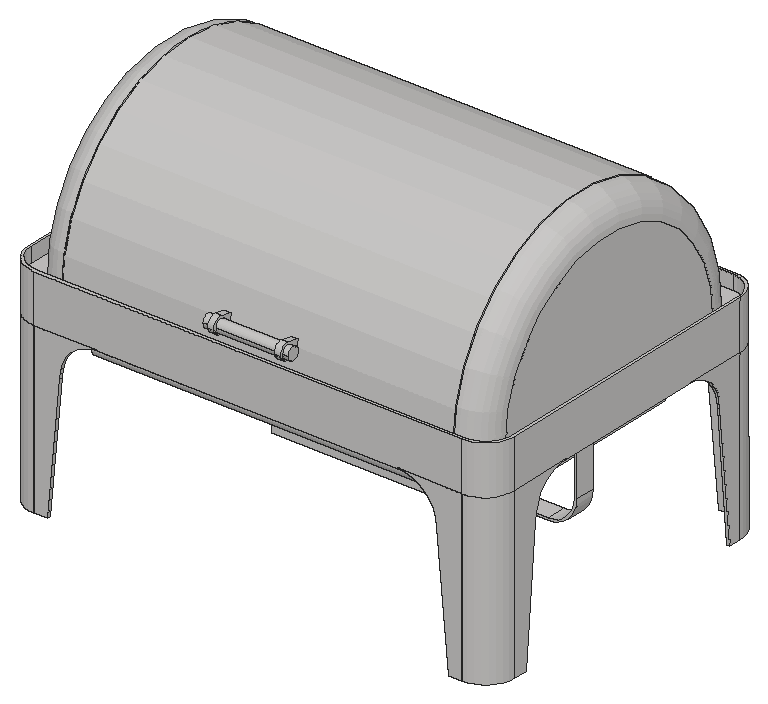
Revit family "QF_Vollrath_46255", category Specialty Equipment, Revit 2016
Family settings
  Part Type = Normal
  Round Connector Dimension = Use Diameter
  OmniClass Number = 23.40.40.14
  OmniClass Title = Food Service Equipment
  Work Plane-Based = No
  Always vertical = Yes
  Cut with Voids When Loaded = No
  Shared = No
  Room Calculation Point = No
Parameters
  Weight in Pounds = 46.36
  Watermarked By = "http://revitwatermark.com"
  URL Cutsheet = ""
  URL = "www.vollrathco.com"
  Status [instance] = ""
  Specification by User [instance] = ""
  Specification by Manufacturer [instance] = ""
  Serial Number [instance] = ""
  Seismic Rating [instance] = ""
  SMACNA No [instance] = ""
  Revision Code [instance] = ""
  NAFEM Spec ID Number [instance] = ""
  Model = "46255"
  Masterspec [instance] = ""
  Manufacturer = "Vollrath"
  Item Number [instance] = "-"
  Installed By [instance] = ""
  Height AFF [instance] = 3' - 0"
  Furnished By [instance] = ""
  Foodservice Equipment Identifier [instance] = yes
  Description = "New York, New York Dripless Chafer"
  CSI MasterFormat = "11 40 00"
  Assembly Code = "E1090310"
Reference planes (in)
  plane 1: z = 0
  plane 2 "Skirt Middle": z = 44.625
  plane 3 "TOP": z = 54.5
  plane 4 "Table Top": z = 36
  plane 5 "LEFT": x = -11.625
  plane 6: x = -10.6875
  plane 7: x = -9.4375
  plane 8: x = -9.1875
  plane 9: x = -3.4375
  plane 10 "RIGHT": x = 13.375
  plane 11: x = 12.4375
  plane 12: x = 11.1875
  plane 13: x = 10.9375
  plane 14: x = 5.1875
  plane 15 "FRONT": y = -17.875
  plane 16: y = -10.9375
  plane 17: y = -9.625
  plane 18 "BACK": y = -0.375
  plane 19: y = -7.3125
  plane 20: y = -8.625
  plane 21 "Center LR": y = -9.125
  plane 22 "Center FB": x = 0.875
  plane 23: z = 47.125
  plane 24 "Chaffer Surface": z = 46.25
  plane 25: z = 42.3125
  plane 26: z = 39
  plane 27: z = 39.6875
Forms (in)
  Extrusion 1, solid, material "QF_Finishes_Polished Steel"
    sketch origin (-12, 0, 0) x (0, 1, 0) y (0, 0, 1)
      loop
        arc (-0.96258, 46.25) -> (-9.125, 54.41242) -> (-17.28742, 46.25) r 8.16242
        line (-17.28742, 46.25) -> (-0.96258, 46.25)
    from 2.8125 to 22.9375
  Revolve 2, solid, material "QF_Finishes_Polished Steel"
    sketch origin (0, -9.125, 0) x (1, 0, 0) y (0, 0, 1)
      loop
        line (-9.1875, 46.25) -> (-9.1875, 54.41242)
        arc (-9.1875, 54.41242) -> (-10.24816, 53.97308) -> (-10.6875, 52.91242) r 1.5
        line (-10.6875, 52.91242) -> (-10.6875, 46.25) -> (-9.1875, 46.25)
      axis (-10.6875, 46.25) -> (-9.1875, 46.25)
    angle from 90 to -90
  Revolve 3, solid, material "QF_Finishes_Polished Steel"
    sketch origin (1.625, -9.125, 0) x (-1, 0, 0) y (0, 0, 1)
      loop
        line (-9.3125, 46.25) -> (-9.3125, 54.41242)
        arc (-9.3125, 54.41242) -> (-10.37316, 53.97308) -> (-10.8125, 52.91242) r 1.5
        line (-10.8125, 52.91242) -> (-10.8125, 46.25) -> (-9.3125, 46.25)
      axis (-9.3125, 46.25) -> (-10.8125, 46.25)
    angle from 90 to -90
  Extrusion 4, solid, material "QF_Finishes_Stainless Steel"
    sketch origin (0, 0, 46.75) x (0, 1, 0) y (-1, 0, 0)
      loop
        arc (-0.375, 10.125) -> (-0.81434, 11.18566) -> (-1.875, 11.625) r 1.5
        line (-1.875, 11.625) -> (-16.375, 11.625)
        arc (-16.375, 11.625) -> (-17.43566, 11.18566) -> (-17.875, 10.125) r 1.5
        line (-17.875, 10.125) -> (-17.875, -11.875)
        arc (-17.875, -11.875) -> (-17.43566, -12.93566) -> (-16.375, -13.375) r 1.5
        line (-16.375, -13.375) -> (-1.875, -13.375)
        arc (-1.875, -13.375) -> (-0.81434, -12.93566) -> (-0.375, -11.875) r 1.5
        line (-0.375, -11.875) -> (-0.375, 10.125)
      loop
        arc (-0.5, 10.125) -> (-0.90273, 11.09727) -> (-1.875, 11.5) r 1.375
        line (-1.875, 11.5) -> (-16.375, 11.5)
        arc (-16.375, 11.5) -> (-17.34727, 11.09727) -> (-17.75, 10.125) r 1.375
        line (-17.75, 10.125) -> (-17.75, -11.875)
        arc (-17.75, -11.875) -> (-17.34727, -12.84727) -> (-16.375, -13.25) r 1.375
        line (-16.375, -13.25) -> (-1.875, -13.25)
        arc (-1.875, -13.25) -> (-0.90273, -12.84727) -> (-0.5, -11.875) r 1.375
        line (-0.5, -11.875) -> (-0.5, 10.125)
    from 0.375 to -2.125
  Extrusion 5, solid, material "QF_Finishes_Stainless Steel"
    sketch origin (-12, 0, 0) x (0, 1, 0) y (0, 0, 1)
      loop
        line (-15.375, 46.25) -> (-15.375, 42.8125)
        arc (-15.375, 42.8125) -> (-15.22855, 42.45895) -> (-14.875, 42.3125) r 0.5
        line (-14.875, 42.3125) -> (-3.875, 42.3125)
        arc (-3.875, 42.3125) -> (-3.52145, 42.45895) -> (-3.375, 42.8125) r 0.5
        line (-3.375, 42.8125) -> (-3.375, 46.25) -> (-15.375, 46.25)
    from 2.8125 to 22.9375
  Extrusion 6, solid, material "QF_Finishes_Stainless Steel"
    sketch origin (-240, 37.34551, 39) x (0, 1, 0) y (-1, 0, 0)
      loop
        line (-44.65801, -236.5625) -> (-48.28301, -236.5625) -> (-48.28301, -245.1875) -> (-44.65801, -245.1875) -> (-44.65801, -236.5625)
      loop
        line (-44.78301, -236.6875) -> (-48.15801, -236.6875) -> (-48.15801, -245.0625) -> (-44.78301, -245.0625) -> (-44.78301, -236.6875)
    from 0 to 0.6875
  Extrusion 7, solid, material "QF_Finishes_Stainless Steel"
    sketch origin (-240, 37.34551, 39) x (0, 1, 0) y (-1, 0, 0)
      loop
        line (-44.78301, -236.6875) -> (-48.15801, -236.6875) -> (-48.15801, -245.0625) -> (-44.78301, -245.0625) -> (-44.78301, -236.6875)
    from 0 to 0.125
  Extrusion 8, solid, material "QF_Finishes_Stainless Steel"
    sketch origin (0, -9.125, 0) x (1, 0, 0) y (0, 0, 1)
      loop
        line (-9.4375, 46.25) -> (-9.4375, 40.5)
        arc (-9.4375, 40.5) -> (-8.99816, 39.43934) -> (-7.9375, 39) r 1.5
        line (-7.9375, 39) -> (-3.4375, 39) -> (-3.4375, 39.125) -> (-7.9375, 39.125)
        arc (-7.9375, 39.125) -> (-8.90977, 39.52773) -> (-9.3125, 40.5) r 1.375
        line (-9.3125, 40.5) -> (-9.3125, 46.25) -> (-9.4375, 46.25)
      loop
        line (5.1875, 39) -> (9.6875, 39)
        arc (9.6875, 39) -> (10.74816, 39.43934) -> (11.1875, 40.5) r 1.5
        line (11.1875, 40.5) -> (11.1875, 46.25) -> (11.0625, 46.25) -> (11.0625, 40.5)
        arc (11.0625, 40.5) -> (10.65977, 39.52773) -> (9.6875, 39.125) r 1.375
        line (9.6875, 39.125) -> (5.1875, 39.125) -> (5.1875, 39)
    from -0.5 to 0.5
  Extrusion 9, solid, material "QF_Finishes_Polished Steel"
    sketch origin (0.875, 0, -0.5) x (0, 1, 0) y (0, 0, 1)
      loop
        line (-16.37286, 48.55323) -> (-17.63804, 48.79916)
        arc (-17.63804, 48.79916) -> (-18.11434, 48.47789) -> (-17.79307, 48.00159) r 0.40625
        line (-17.79307, 48.00159) -> (-16.49937, 47.75012)
        arc (-16.49937, 47.75012) -> (-16.44714, 48.15341) -> (-16.37286, 48.55323) r 7.41242
      loop
        circle (-17.71555, 48.40037) r 0.3125
    from 1.5625 to 1.875
  Extrusion 10, solid, material "QF_Finishes_Polished Steel"
    sketch origin (0.875, 0, -0.5) x (0, 1, 0) y (0, 0, 1)
      loop
        line (-16.37286, 48.55323) -> (-17.63804, 48.79916)
        arc (-17.63804, 48.79916) -> (-18.11434, 48.47789) -> (-17.79307, 48.00159) r 0.40625
        line (-17.79307, 48.00159) -> (-16.49937, 47.75012)
        arc (-16.49937, 47.75012) -> (-16.44714, 48.15341) -> (-16.37286, 48.55323) r 7.41242
      loop
        circle (-17.71555, 48.40037) r 0.3125
    from -1.5625 to -1.875
  Extrusion 11, solid, material "QF_Finishes_Polished Steel"
    sketch origin (0.875, 0, -0.5) x (0, 1, 0) y (0, 0, 1)
      loop
        circle (-17.71555, 48.40037) r 0.3125
    from -2.1875 to 2.1875
  Extrusion 12, solid, material "QF_Finishes_Stainless Steel"
    sketch origin (0, 0, 46.25) x (0, 1, 0) y (-1, 0, 0)
      loop
        line (-1.875, 11.5) -> (-16.375, 11.5)
        arc (-16.375, 11.5) -> (-17.34727, 11.09727) -> (-17.75, 10.125) r 1.375
        line (-17.75, 10.125) -> (-17.75, -11.875)
        arc (-17.75, -11.875) -> (-17.34727, -12.84727) -> (-16.375, -13.25) r 1.375
        line (-16.375, -13.25) -> (-1.875, -13.25)
        arc (-1.875, -13.25) -> (-0.90273, -12.84727) -> (-0.5, -11.875) r 1.375
        line (-0.5, -11.875) -> (-0.5, 10.125)
        arc (-0.5, 10.125) -> (-0.90273, 11.09727) -> (-1.875, 11.5) r 1.375
    from 0 to 0.125
  Extrusion 13, solid, material "QF_Finishes_Stainless Steel"
    sketch origin (0, 0, 36) x (0, 1, 0) y (-1, 0, 0)
      loop
        arc (-16.375, 11.625) -> (-17.43566, 11.18566) -> (-17.875, 10.125) r 1.5
        line (-17.875, 10.125) -> (-17.75, 10.125)
        arc (-17.75, 10.125) -> (-17.34727, 11.09727) -> (-16.375, 11.5) r 1.375
        line (-16.375, 11.5) -> (-16.375, 11.625)
      loop
        arc (-0.375, 10.125) -> (-0.81434, 11.18566) -> (-1.875, 11.625) r 1.5
        line (-1.875, 11.625) -> (-1.875, 11.5)
        arc (-1.875, 11.5) -> (-0.90273, 11.09727) -> (-0.5, 10.125) r 1.375
        line (-0.5, 10.125) -> (-0.375, 10.125)
      loop
        arc (-1.875, -13.375) -> (-0.81434, -12.93566) -> (-0.375, -11.875) r 1.5
        line (-0.375, -11.875) -> (-0.5, -11.875)
        arc (-0.5, -11.875) -> (-0.90273, -12.84727) -> (-1.875, -13.25) r 1.375
        line (-1.875, -13.25) -> (-1.875, -13.375)
      loop
        arc (-17.875, -11.875) -> (-17.43566, -12.93566) -> (-16.375, -13.375) r 1.5
        line (-16.375, -13.375) -> (-16.375, -13.25)
        arc (-16.375, -13.25) -> (-17.34727, -12.84727) -> (-17.75, -11.875) r 1.375
        line (-17.75, -11.875) -> (-17.875, -11.875)
    from 0 to 8.625
  Extrusion 14, solid, material "QF_Finishes_Stainless Steel"
    sketch origin (0, -17.875, 0) x (-1, 0, 0) y (0, 0, 1)
      loop
        line (10.125, 36) -> (10.125, 44.625) -> (6.8125, 44.625)
        arc (6.8125, 44.625) -> (8.22671, 44.03921) -> (8.8125, 42.625) r 2
        line (8.8125, 42.625) -> (9.4375, 36) -> (10.125, 36)
      loop
        line (-11.875, 36) -> (-11.1875, 36) -> (-10.5625, 42.625)
        arc (-10.5625, 42.625) -> (-9.97671, 44.03921) -> (-8.5625, 44.625) r 2
        line (-8.5625, 44.625) -> (-11.875, 44.625) -> (-11.875, 36)
    from 0 to 0.125
  Extrusion 15, solid, material "QF_Finishes_Stainless Steel"
    sketch origin (0, -0.375, 0) x (-1, 0, 0) y (0, 0, -1)
      loop
        line (10.125, -36) -> (9.4375, -36) -> (8.8125, -42.625)
        arc (8.8125, -42.625) -> (8.22671, -44.03921) -> (6.8125, -44.625) r 2
        line (6.8125, -44.625) -> (10.125, -44.625) -> (10.125, -36)
      loop
        line (-11.875, -36) -> (-11.875, -44.625) -> (-8.5625, -44.625)
        arc (-8.5625, -44.625) -> (-9.97671, -44.03921) -> (-10.5625, -42.625) r 2
        line (-10.5625, -42.625) -> (-11.1875, -36) -> (-11.875, -36)
    from 0 to 0.125
  Extrusion 16, solid, material "QF_Finishes_Stainless Steel"
    sketch origin (-11.625, 0, 0) x (0, 1, 0) y (0, 0, 1)
      loop
        line (-1.875, 36) -> (-1.875, 44.625) -> (-5.1875, 44.625)
        arc (-5.1875, 44.625) -> (-3.77329, 44.03921) -> (-3.1875, 42.625) r 2
        line (-3.1875, 42.625) -> (-2.5625, 36) -> (-1.875, 36)
      loop
        line (-16.375, 36) -> (-15.6875, 36) -> (-15.0625, 42.625)
        arc (-15.0625, 42.625) -> (-14.47671, 44.03921) -> (-13.0625, 44.625) r 2
        line (-13.0625, 44.625) -> (-16.375, 44.625) -> (-16.375, 36)
    from 0 to 0.125
  Extrusion 17, solid, material "QF_Finishes_Stainless Steel"
    sketch origin (13.375, 0, 0) x (0, 1, 0) y (0, 0, -1)
      loop
        line (-1.875, -36) -> (-2.5625, -36) -> (-3.1875, -42.625)
        arc (-3.1875, -42.625) -> (-3.77329, -44.03921) -> (-5.1875, -44.625) r 2
        line (-5.1875, -44.625) -> (-1.875, -44.625) -> (-1.875, -36)
      loop
        line (-16.375, -36) -> (-16.375, -44.625) -> (-13.0625, -44.625)
        arc (-13.0625, -44.625) -> (-14.47671, -44.03921) -> (-15.0625, -42.625) r 2
        line (-15.0625, -42.625) -> (-15.6875, -36) -> (-16.375, -36)
    from 0 to 0.125
Lines and regions (in)
  symbolic lines
    curve 1: arc (-10.125, -0.375, 36) -> (-11.18566, -0.81434, 36) -> (-11.625, -1.875, 36) r 1.5
    curve 2: line (11.875, -0.375, 36) -> (-10.125, -0.375, 36)
    curve 3: line (-11.625, -1.875, 36) -> (-11.625, -16.375, 36)
    curve 4: arc (-11.625, -16.375, 36) -> (-11.18566, -17.43566, 36) -> (-10.125, -17.875, 36) r 1.5
    curve 5: line (-10.125, -17.875, 36) -> (-1.3125, -17.875, 36)
    curve 6: arc (11.875, -17.875, 36) -> (12.93566, -17.43566, 36) -> (13.375, -16.375, 36) r 1.5
    curve 7: line (13.375, -16.375, 36) -> (13.375, -1.875, 36)
    curve 8: arc (13.375, -1.875, 36) -> (12.93566, -0.81434, 36) -> (11.875, -0.375, 36) r 1.5
    curve 9: line (-1, -17.28742, 36) -> (-1, -18.1218, 36)
    curve 10: line (-0.6875, -18.1218, 36) -> (-0.6875, -17.28742, 36)
    curve 11: line (2.4375, -17.28742, 36) -> (2.4375, -18.1218, 36)
    curve 12: line (2.75, -18.1218, 36) -> (2.75, -17.28742, 36)
    curve 13: line (3.0625, -18.02805, 36) -> (3.0625, -17.40305, 36)
    curve 14: line (-1.3125, -17.40305, 36) -> (-1.3125, -18.02805, 36)
    curve 15: line (-1.3125, -17.40305, 36) -> (-1, -17.40305, 36)
    curve 16: line (-0.6875, -17.40305, 36) -> (2.4375, -17.40305, 36)
    curve 17: line (2.75, -17.40305, 36) -> (3.0625, -17.40305, 36)
    curve 18: line (3.0625, -18.02805, 36) -> (2.75, -18.02805, 36)
    curve 19: line (2.75, -18.1218, 36) -> (2.4375, -18.1218, 36)
    curve 20: line (2.4375, -18.02805, 36) -> (-0.6875, -18.02805, 36)
    curve 21: line (-1, -18.02805, 36) -> (-1.3125, -18.02805, 36)
    curve 22: line (-1, -18.1218, 36) -> (-0.6875, -18.1218, 36)
    curve 23: line (3.0625, -17.875, 36) -> (11.875, -17.875, 36)
    curve 24: arc (-10.6875, -2.46258, 36) -> (-10.24816, -1.40192, 36) -> (-9.1875, -0.96258, 36) r 1.5
    curve 25: line (-9.1875, -0.96258, 36) -> (10.9375, -0.96258, 36)
    curve 26: line (-10.6875, -2.46258, 36) -> (-10.6875, -15.78742, 36)
    curve 27: arc (-9.1875, -17.28742, 36) -> (-10.24816, -16.84808, 36) -> (-10.6875, -15.78742, 36) r 1.5
    curve 28: line (10.9375, -17.28742, 36) -> (-9.1875, -17.28742, 36)
    curve 29: arc (12.4375, -15.78742, 36) -> (11.99816, -16.84808, 36) -> (10.9375, -17.28742, 36) r 1.5
    curve 30: line (12.4375, -2.46258, 36) -> (12.4375, -15.78742, 36)
    curve 31: arc (10.9375, -0.96258, 36) -> (11.99816, -1.40192, 36) -> (12.4375, -2.46258, 36) r 1.5
    curve 32: line (-9.1875, -0.96258, 36) -> (-9.1875, -17.28742, 36)
    curve 33: line (10.9375, -0.96258, 36) -> (10.9375, -17.28742, 36)
Dimensions and locks (in)
  "Height AFF": plane 4 "Table Top" to level
  locked: plane 5 "LEFT" to plane 10 "RIGHT" at 25
  locked: plane 11 to plane 10 "RIGHT" at 0.9375
  locked: plane 12 to plane 11 at 1.25
  locked: plane 13 to plane 12 at 0.25
  equal spacing: plane 5 "LEFT", plane 22 "Center FB", plane 10 "RIGHT"
  locked: plane 22 "Center FB" to plane 14 at 4.3125
  locked: plane 9 to plane 22 "Center FB" at 4.3125
  locked: plane 5 "LEFT" to plane 6 at 0.9375
  locked: plane 6 to plane 7 at 1.25
  locked: plane 7 to plane 8 at 0.25
  equal spacing: plane 15 "FRONT", plane 21 "Center LR", plane 18 "BACK"
  locked: plane 15 "FRONT" to plane 18 "BACK" at 17.5
  locked: plane 17 to plane 21 "Center LR" at 0.5
  locked: plane 21 "Center LR" to plane 20 at 0.5
  locked: plane 21 "Center LR" to plane 19 at 1.8125
  locked: plane 16 to plane 21 "Center LR" at 1.8125
  locked: plane 3 "TOP" to plane 4 "Table Top" at 18.5
  locked: plane 23 to plane 2 "Skirt Middle" at 2.5
  locked: plane 23 to plane 24 "Chaffer Surface" at 0.875
  locked: plane 23 to plane 25 at 4.8125
  locked: plane 26 to plane 4 "Table Top" at 3
  locked: plane 27 to plane 26 at 0.6875
  locked: plane 25 to plane 27 at 2.625
  aligned and locked: level to plane 1
  aligned: plane 6 to Extrusion 1
  aligned: plane 11 to Extrusion 1
  aligned: plane 8 to Extrusion 1
  aligned: plane 13 to Extrusion 1
  aligned and locked: plane 18 "BACK" to Extrusion 4 sketch curve
  aligned and locked: plane 5 "LEFT" to Extrusion 4 sketch curve
  aligned and locked: plane 15 "FRONT" to Extrusion 4 sketch curve
  aligned and locked: plane 10 "RIGHT" to Extrusion 4 sketch curve
  aligned and locked: Extrusion 4 to plane 2 "Skirt Middle"
  aligned and locked: plane 8 to Extrusion 5
  aligned and locked: plane 13 to Extrusion 5
  aligned and locked: plane 19 to Extrusion 6 sketch curve
  aligned and locked: Extrusion 6 sketch curve to plane 9
  aligned and locked: plane 16 to Extrusion 6 sketch curve
  aligned and locked: Extrusion 6 sketch curve to plane 14
  aligned and locked: plane 7 to Extrusion 8 sketch curve
  aligned and locked: plane 12 to Extrusion 8 sketch curve
  aligned and locked: plane 9 to Extrusion 8 sketch curve
  aligned and locked: Extrusion 8 sketch curve to plane 14
  aligned and locked: Extrusion 8 to plane 17
  aligned and locked: Extrusion 8 to plane 20
  aligned and locked: plane 24 "Chaffer Surface" to Extrusion 5
  aligned and locked: Extrusion 5 to plane 25
  aligned and locked: plane 23 to Extrusion 4
  aligned and locked: plane 24 "Chaffer Surface" to Revolve 2 sketch curve
  aligned and locked: Revolve 2 sketch curve to plane 24 "Chaffer Surface"
  aligned and locked: Revolve 3 sketch curve to plane 24 "Chaffer Surface"  (x2)
  aligned and locked: Extrusion 8 sketch curve to plane 24 "Chaffer Surface"
  aligned and locked: plane 24 "Chaffer Surface" to Extrusion 8 sketch curve
  aligned and locked: Extrusion 8 sketch curve to plane 26  (x2)
  aligned and locked: plane 2 "Skirt Middle" to Extrusion 13
  aligned and locked: Extrusion 14 sketch curve to plane 2 "Skirt Middle"
  aligned and locked: plane 2 "Skirt Middle" to Extrusion 14 sketch curve
  aligned and locked: plane 4 "Table Top" to Extrusion 14 sketch curve
  aligned and locked: Extrusion 14 sketch curve to plane 4 "Table Top"
  aligned and locked: Extrusion 15 sketch curve to plane 2 "Skirt Middle"
  aligned and locked: plane 2 "Skirt Middle" to Extrusion 15 sketch curve
  aligned and locked: Extrusion 15 sketch curve to plane 4 "Table Top"
  aligned and locked: plane 4 "Table Top" to Extrusion 15 sketch curve
  aligned and locked: Extrusion 16 sketch curve to plane 2 "Skirt Middle"
  aligned and locked: Extrusion 16 sketch curve to plane 4 "Table Top"
  aligned and locked: plane 2 "Skirt Middle" to Extrusion 16 sketch curve
  aligned and locked: plane 4 "Table Top" to Extrusion 16 sketch curve
  aligned and locked: Extrusion 17 sketch curve to plane 2 "Skirt Middle"
  aligned and locked: plane 2 "Skirt Middle" to Extrusion 17 sketch curve
  aligned and locked: plane 4 "Table Top" to Extrusion 17 sketch curve
  aligned and locked: Extrusion 17 sketch curve to plane 4 "Table Top"
Automatic sketch dimensions
  Extrusion 1 sketch curve to plane 24 "Chaffer Surface" = 0' - 0"
  Extrusion 1 sketch curve to plane 21 "Center LR" = 0' - 0"
  plane 15 "FRONT" to Extrusion 1 sketch curve = 0' - 0.58758"
  plane 6 to Revolve 2 sketch curve = 0' - 0"
  plane 8 to Revolve 2 sketch curve = 0' - 0"
  Revolve 2 sketch curve to plane 5 "LEFT" = 7' - 7.44538"
  Revolve 2 sketch curve to plane 10 "RIGHT" = 7' - 2.50085"
  Revolve 2 sketch curve to plane 3 "TOP" = 0' - 1.58758"
  Revolve 3 sketch curve to plane 11 = 0' - 0"
  Revolve 3 sketch curve to plane 13 = 0' - 0"
  plane 10 "RIGHT" to Revolve 3 sketch curve = 7' - 2.50085"
  plane 5 "LEFT" to Revolve 3 sketch curve = 7' - 7.44538"
  plane 3 "TOP" to Revolve 3 sketch curve = 0' - 1.58758"
  Extrusion 4 sketch curve to Extrusion 4 sketch curve = 0' - 0"  (x8)
  Extrusion 4 sketch curve to Extrusion 4 sketch curve = 0' - 0 1/8"
  plane 15 "FRONT" to Extrusion 4 sketch curve = 0' - 1 1/2"
  Extrusion 4 sketch curve to plane 6 = 0' - 0 9/16"
  plane 18 "BACK" to Extrusion 4 sketch curve = 0' - 1 1/2"  (x2)
  Extrusion 5 sketch curve to plane 24 "Chaffer Surface" = 0' - 0"
  Extrusion 5 sketch curve to plane 25 = 0' - 0"
  plane 15 "FRONT" to Extrusion 5 sketch curve = 0' - 2 1/2"
  Extrusion 5 sketch curve to Extrusion 5 sketch curve = 0' - 0 1/2"
  Extrusion 5 sketch curve to plane 19 = 0' - 3 7/16"
  plane 18 "BACK" to Extrusion 5 sketch curve = 0' - 3"
  plane 16 to Extrusion 6 sketch curve = 0' - 0 1/8"
  plane 19 to Extrusion 6 sketch curve = 0' - 0 1/8"
  Extrusion 6 sketch curve to plane 14 = 0' - 0 1/8"
  Extrusion 6 sketch curve to plane 9 = 0' - 0 1/8"
  plane 16 to Extrusion 7 sketch curve = 0' - 0 1/8"
  plane 19 to Extrusion 7 sketch curve = 0' - 0 1/8"
  Extrusion 7 sketch curve to plane 14 = 0' - 0 1/8"
  Extrusion 7 sketch curve to plane 9 = 0' - 0 1/8"
  Extrusion 8 sketch curve to Extrusion 8 sketch curve = 0' - 0"  (x4)
  Extrusion 8 sketch curve to plane 7 = 0' - 0 1/8"
  Extrusion 8 sketch curve to plane 8 = 0' - 1 1/4"
  plane 27 to Extrusion 8 sketch curve = 0' - 0 13/16"
  Extrusion 8 sketch curve to plane 12 = 0' - 0 1/8"
  Extrusion 9 sketch curve to Extrusion 9 sketch curve = 0' - 0"  (x2)
  Extrusion 9 sketch curve to plane 21 "Center LR" = 0' - 0"
  plane 23 to Extrusion 9 sketch curve = 0' - 0.92823"
  plane 15 "FRONT" to Extrusion 9 sketch curve = 0' - 1.50214"
  plane 23 to Extrusion 9 sketch curve = 0' - 0.12512"
  Extrusion 9 sketch curve to Extrusion 9 sketch curve = 0' - 0.12651"
  plane 15 "FRONT" to Extrusion 9 sketch curve = 0' - 0.23696"
  plane 15 "FRONT" to Extrusion 9 sketch curve = 0' - 0.15945"
  plane 15 "FRONT" to Extrusion 9 sketch curve = 0' - 0.08193"
  plane 23 to Extrusion 9 sketch curve = 0' - 0.37659"
  Extrusion 9 sketch curve to Extrusion 9 sketch curve = 0' - 0.39879"
  Extrusion 10 sketch curve to Extrusion 10 sketch curve = 0' - 0"  (x2)
  Extrusion 10 sketch curve to plane 21 "Center LR" = 0' - 0"
  plane 23 to Extrusion 10 sketch curve = 0' - 0.92823"
  plane 15 "FRONT" to Extrusion 10 sketch curve = 0' - 1.50214"
  plane 23 to Extrusion 10 sketch curve = 0' - 0.12512"
  Extrusion 10 sketch curve to Extrusion 10 sketch curve = 0' - 0.12651"
  plane 15 "FRONT" to Extrusion 10 sketch curve = 0' - 0.23696"
  plane 15 "FRONT" to Extrusion 10 sketch curve = 0' - 0.15945"
  plane 15 "FRONT" to Extrusion 10 sketch curve = 0' - 0.08193"
  plane 23 to Extrusion 10 sketch curve = 0' - 0.37659"
  Extrusion 10 sketch curve to Extrusion 10 sketch curve = 0' - 0.39879"
  plane 15 "FRONT" to Extrusion 11 sketch curve = 0' - 0.15945"
  plane 23 to Extrusion 11 sketch curve = 0' - 0.77537"
  curve 5 to plane 15 "FRONT" = 0' - 0"
  curve 23 to plane 15 "FRONT" = 0' - 0"
  curve 4 to plane 5 "LEFT" = 0' - 0"
  curve 6 to plane 10 "RIGHT" = 0' - 0"
  plane 18 "BACK" to curve 8 = 0' - 0"
  curve 18 to plane 15 "FRONT" = 0' - 0.15305"
  curve 14 to plane 15 "FRONT" = 0' - 0.15305"
  curve 20 to plane 15 "FRONT" = 0' - 0.15305"
  curve 19 to curve 20 = 0' - 0 3/32"
  curve 9 to curve 21 = 0' - 0 3/32"
  curve 5 to curve 15 = 0' - 0.47195"
  curve 15 to curve 16 = 0' - 0"
  curve 16 to curve 11 = 0' - 0.11563"
  curve 17 to curve 12 = 0' - 0.11563"
  curve 4 to plane 6 = 0' - 0 9/16"
  curve 6 to plane 11 = 0' - 0 9/16"
  curve 8 to plane 11 = 0' - 0 9/16"
  curve 13 to plane 14 = 0' - 2 1/8"
  curve 13 to curve 17 = 0' - 0 5/16"
  curve 18 to curve 20 = 0' - 0 5/16"
  curve 10 to plane 22 "Center FB" = 0' - 1 9/16"
  curve 10 to curve 9 = 0' - 0 5/16"
  curve 21 to curve 5 = 0' - 0 5/16"
  plane 15 "FRONT" to Extrusion 12 sketch curve = 0' - 0 1/8"
  plane 5 "LEFT" to Extrusion 12 sketch curve = 0' - 0 1/8"
  plane 15 "FRONT" to Extrusion 12 sketch curve = 0' - 1 1/2"
  Extrusion 12 sketch curve to plane 11 = 0' - 0 9/16"
  Extrusion 12 sketch curve to Extrusion 12 sketch curve = 0' - 1 3/8"
  plane 18 "BACK" to Extrusion 12 sketch curve = 0' - 1 1/2"  (x2)
  plane 18 "BACK" to Extrusion 12 sketch curve = 0' - 0 1/8"
  Extrusion 13 sketch curve to Extrusion 13 sketch curve = 0' - 0"  (x8)
  Extrusion 13 sketch curve to plane 15 "FRONT" = 0' - 0"  (x2)
  Extrusion 13 sketch curve to plane 10 "RIGHT" = 0' - 0"  (x2)
  Extrusion 13 sketch curve to plane 5 "LEFT" = 0' - 0"  (x2)
  plane 18 "BACK" to Extrusion 13 sketch curve = 0' - 0"  (x2)
  plane 15 "FRONT" to Extrusion 13 sketch curve = 0' - 0 1/8"
  Extrusion 13 sketch curve to Extrusion 13 sketch curve = 0' - 0 1/8"
  plane 15 "FRONT" to Extrusion 13 sketch curve = 0' - 1 1/2"  (x2)
  plane 10 "RIGHT" to Extrusion 13 sketch curve = 0' - 0 1/8"
  plane 18 "BACK" to Extrusion 13 sketch curve = 0' - 1 1/2"  (x2)
  plane 5 "LEFT" to Extrusion 13 sketch curve = 0' - 0 1/8"
  Extrusion 14 sketch curve to plane 12 = 0' - 0"
  plane 7 to Extrusion 14 sketch curve = 0' - 0"
  Extrusion 14 sketch curve to plane 11 = 0' - 0 9/16"
  Extrusion 14 sketch curve to plane 13 = 0' - 0 3/8"
  Extrusion 14 sketch curve to plane 13 = 0' - 2 3/8"
  Extrusion 14 sketch curve to Extrusion 14 sketch curve = 0' - 0"  (x2)
  Extrusion 14 sketch curve to plane 8 = 0' - 2 3/8"
  plane 25 to Extrusion 14 sketch curve = 0' - 0 5/16"
  Extrusion 14 sketch curve to plane 6 = 0' - 0 9/16"
  Extrusion 15 sketch curve to plane 12 = 0' - 0"
  plane 7 to Extrusion 15 sketch curve = 0' - 0"
  plane 11 to Extrusion 15 sketch curve = 0' - 0 9/16"
  plane 13 to Extrusion 15 sketch curve = 0' - 0 3/8"
  plane 13 to Extrusion 15 sketch curve = 0' - 2 3/8"
  Extrusion 15 sketch curve to Extrusion 15 sketch curve = 0' - 0"  (x2)
  plane 8 to Extrusion 15 sketch curve = 0' - 2 3/8"
  Extrusion 15 sketch curve to plane 25 = 0' - 0 5/16"
  plane 6 to Extrusion 15 sketch curve = 0' - 0 9/16"
  plane 15 "FRONT" to Extrusion 16 sketch curve = 0' - 1 1/2"
  Extrusion 16 sketch curve to Extrusion 16 sketch curve = 0' - 0 11/16"
  plane 25 to Extrusion 16 sketch curve = 0' - 0 5/16"  (x2)
  Extrusion 16 sketch curve to Extrusion 16 sketch curve = 0' - 1 5/16"
  Extrusion 16 sketch curve to Extrusion 16 sketch curve = 0' - 0"  (x2)
  Extrusion 16 sketch curve to plane 19 = 0' - 2 1/8"
  plane 18 "BACK" to Extrusion 16 sketch curve = 0' - 2 3/16"
  plane 18 "BACK" to Extrusion 16 sketch curve = 0' - 1 1/2"
  Extrusion 17 sketch curve to plane 15 "FRONT" = 0' - 1 1/2"
  Extrusion 17 sketch curve to Extrusion 17 sketch curve = 0' - 0 11/16"
  Extrusion 17 sketch curve to plane 25 = 0' - 0 5/16"  (x2)
  Extrusion 17 sketch curve to Extrusion 17 sketch curve = 0' - 1 5/16"
  Extrusion 17 sketch curve to Extrusion 17 sketch curve = 0' - 0"  (x2)
  plane 19 to Extrusion 17 sketch curve = 0' - 2 1/8"
  Extrusion 17 sketch curve to plane 18 "BACK" = 0' - 2 3/16"
  Extrusion 17 sketch curve to plane 18 "BACK" = 0' - 1 1/2"
  curve 24 to plane 6 = 0' - 0"
  curve 24 to curve 1 = 0' - 0.58758"
  curve 27 to plane 8 = 0' - 0"
  curve 28 to plane 13 = 0' - 0"
  curve 29 to plane 11 = 0' - 0"
  curve 30 to curve 8 = 0' - 0.58758"
  radius of Extrusion 9 sketch curve = 0' - 0 5/16"
  radius of Extrusion 10 sketch curve = 0' - 0 5/16"
  radius of Extrusion 11 sketch curve = 0' - 0 5/16"
